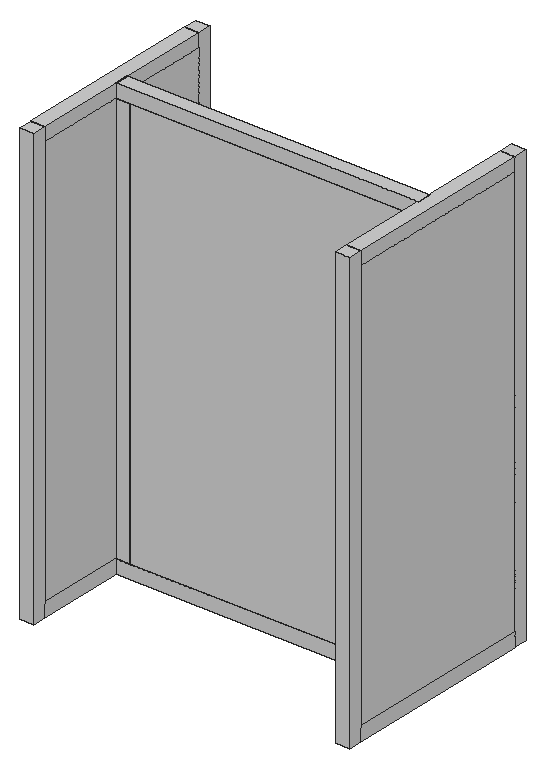
Revit family "HD", category Specialty Equipment, Revit 2012
Parameters (values of type "H Display (Default)")
  Width = 3' - 0"
  URL = "http://madixinc.com/display/freestanding.html"
  Model = "H Display"
  Manufacturer = "© 2012 Madix, Inc. All rights reserved."
  Depth = 2' - 0"
Reference planes (in)
  plane 1 "Center (Front/Back)": y = 0
  plane 2: z = 0
  plane 3 "Center (Left/Right)": x = 0
  plane 4: y = 12
  plane 5: y = -12
  plane 6: x = -18
  plane 7: x = 18
  plane 8: z = 48
  plane 9: z = 26.89709
  plane 10: z = 26.89709
  plane 11: y = 0.75
  plane 12: y = -0.75
  plane 13: x = -16.5
  plane 14: x = 16.5
Forms (in)
  Extrusion 1, solid, material "Metal - Steel"
    sketch origin (0, 0, 0) x (0, 1, 0) y (0, 0, 1)
      loop
        line (-12, 48) -> (-12, 0) -> (-10.5, 0) -> (-10.5, 1.53125) -> (-10.5, 46.5) -> (-10.5, 48) -> (-12, 48)
      loop
        line (12, 0) -> (12, 48) -> (10.5, 48) -> (10.5, 46.5) -> (10.5, 1.5) -> (10.5, 0) -> (12, 0)
      loop
        line (10.46875, 46.5) -> (10.46875, 48) -> (-10.46875, 48) -> (-10.46875, 46.5) -> (10.46875, 46.5)
      loop
        line (-10.46875, 1.5) -> (-10.46875, 0) -> (10.46875, 0) -> (10.46875, 1.5) -> (-10.46875, 1.5)
    from 16.5 to 18
  Extrusion 2, solid, material "Metal - Steel"
    sketch origin (0, 0, 0) x (0, 1, 0) y (0, 0, -1)
      loop
        line (-12, -48) -> (-10.5, -48) -> (-10.5, -46.5) -> (-10.5, -1.5) -> (-10.5, 0) -> (-12, 0) -> (-12, -48)
      loop
        line (12, 0) -> (10.5, 0) -> (10.5, -1.5) -> (10.5, -46.46875) -> (10.5, -48) -> (12, -48) -> (12, 0)
      loop
        line (10.46875, -46.5) -> (-10.46875, -46.5) -> (-10.46875, -48) -> (10.46875, -48) -> (10.46875, -46.5)
      loop
        line (-10.46875, -1.5) -> (10.46875, -1.5) -> (10.46875, 0) -> (-10.46875, 0) -> (-10.46875, -1.5)
    from 16.5 to 18
  Extrusion 3, solid, material "Metal - Steel"
    sketch origin (0, 0, 0) x (1, 0, 0) y (0, 0, 1)
      loop
        line (-16.5, 48) -> (-16.5, 46.5) -> (16.5, 46.5) -> (16.5, 48) -> (-16.5, 48)
      loop
        line (-16.5, 0) -> (16.5, 0) -> (16.5, 1.5) -> (-16.5, 1.5) -> (-16.5, 0)
      loop
        line (16.5, 46.46875) -> (15, 46.46875) -> (15, 1.53125) -> (16.5, 1.53125) -> (16.5, 46.46875)
      loop
        line (-16.5, 46.46875) -> (-16.5, 1.53125) -> (-15, 1.53125) -> (-15, 46.46875) -> (-16.5, 46.46875)
    from -0.75 to 0.75
  Extrusion 4, solid, material "Metal - Steel"
    sketch origin (0, 0, 0) x (0, 1, 0) y (0, 0, 1)
      loop
        line (10.46875, 46.46875) -> (-10.46875, 46.46875) -> (-10.46875, 1.53125) -> (10.46875, 1.53125) -> (10.46875, 46.46875)
    from -18 to -16.5
  Extrusion 5, solid, material "Metal - Steel"
    sketch origin (0, 0, 0) x (0, 1, 0) y (0, 0, -1)
      loop
        line (10.46875, -46.46875) -> (10.46875, -1.53125) -> (-10.46875, -1.53125) -> (-10.46875, -46.46875) -> (10.46875, -46.46875)
    from -18 to -16.5
  Extrusion 6, solid, material "Metal - Steel"
    sketch origin (0, 0, 0) x (1, 0, 0) y (0, 0, 1)
      loop
        line (14.96875, 1.53125) -> (14.96875, 46.46875) -> (-14.96875, 46.46875) -> (-14.96875, 1.53125) -> (14.96875, 1.53125)
    from -0.75 to 0.75
Dimensions and locks (in)
  equal spacing: plane 4, plane 1 "Center (Front/Back)", plane 5
  "Depth": plane 4 to plane 5
  equal spacing: plane 11, plane 1 "Center (Front/Back)", plane 12
  locked: plane 11 to plane 12 at 1.5
  "Width": plane 6 to plane 7
  equal spacing: plane 6, plane 3 "Center (Left/Right)", plane 7
  locked: plane 6 to plane 13 at 1.5
  locked: plane 14 to plane 7 at 1.5
  aligned and locked: level to plane 2
  aligned and locked: Extrusion 3 to Extrusion 2
  aligned and locked: Extrusion 2 to plane 6
  aligned and locked: Extrusion 1 to plane 7
  aligned and locked: plane 13 to Extrusion 2
  aligned and locked: plane 14 to Extrusion 1
  aligned and locked: Extrusion 4 to plane 6
  aligned and locked: Extrusion 2 to Extrusion 4
  aligned and locked: Extrusion 5 to plane 7
  aligned and locked: Extrusion 1 to Extrusion 5
  aligned and locked: Extrusion 3 to Extrusion 6  (x2)
Automatic sketch dimensions
  Extrusion 1 sketch curve to plane 5 = 0' - 0"
  Extrusion 1 sketch curve to level = 0' - 0"  (x3)
  plane 8 to Extrusion 1 sketch curve = 0' - 0"  (x3)
  Extrusion 1 sketch curve to plane 4 = 0' - 0"
  Extrusion 1 sketch curve to plane 5 = 0' - 1 1/2"
  Extrusion 1 sketch curve to Extrusion 1 sketch curve = 0' - 0 1/32"  (x4)
  Extrusion 1 sketch curve to plane 4 = 0' - 1 17/32"  (x2)
  level to Extrusion 1 sketch curve = 0' - 1 1/2"
  Extrusion 1 sketch curve to Extrusion 1 sketch curve = 0' - 0"  (x3)
  plane 8 to Extrusion 1 sketch curve = 0' - 1 1/2"
  Extrusion 2 sketch curve to plane 5 = 0' - 0"
  Extrusion 2 sketch curve to level = 0' - 0"  (x3)
  plane 8 to Extrusion 2 sketch curve = 0' - 0"  (x3)
  Extrusion 2 sketch curve to plane 4 = 0' - 0"
  Extrusion 2 sketch curve to plane 5 = 0' - 1 1/2"
  Extrusion 2 sketch curve to Extrusion 2 sketch curve = 0' - 0 1/32"  (x4)
  Extrusion 2 sketch curve to plane 4 = 0' - 1 17/32"  (x2)
  Extrusion 2 sketch curve to Extrusion 2 sketch curve = 0' - 1 1/2"
  Extrusion 2 sketch curve to Extrusion 2 sketch curve = 0' - 0"  (x2)
  level to Extrusion 2 sketch curve = 0' - 1 1/2"  (x2)
  Extrusion 4 sketch curve to plane 5 = 0' - 1 17/32"
  Extrusion 4 sketch curve to plane 4 = 0' - 1 17/32"
  level to Extrusion 4 sketch curve = 0' - 1 17/32"
  plane 8 to Extrusion 4 sketch curve = 0' - 1 17/32"
  Extrusion 5 sketch curve to plane 5 = 0' - 1 17/32"
  Extrusion 5 sketch curve to plane 4 = 0' - 1 17/32"
  plane 8 to Extrusion 5 sketch curve = 0' - 1 17/32"
  level to Extrusion 5 sketch curve = 0' - 1 17/32"
  Extrusion 6 sketch curve to plane 13 = 0' - 1 17/32"
  plane 14 to Extrusion 6 sketch curve = 0' - 1 17/32"
  level to Extrusion 6 sketch curve = 0' - 1 17/32"
  plane 8 to Extrusion 6 sketch curve = 0' - 1 17/32"
  Extrusion 3 sketch curve to plane 8 = 0' - 0"
  plane 13 to Extrusion 3 sketch curve = 0' - 0"  (x3)
  plane 14 to Extrusion 3 sketch curve = 0' - 0"  (x3)
  Extrusion 3 sketch curve to level = 0' - 0"
  Extrusion 3 sketch curve to Extrusion 3 sketch curve = 0' - 1 1/2"  (x2)
  level to Extrusion 3 sketch curve = 0' - 1 1/2"
  Extrusion 3 sketch curve to Extrusion 3 sketch curve = 0' - 0 1/32"  (x3)
  Extrusion 3 sketch curve to Extrusion 3 sketch curve = 0' - 1 17/32"  (x2)
